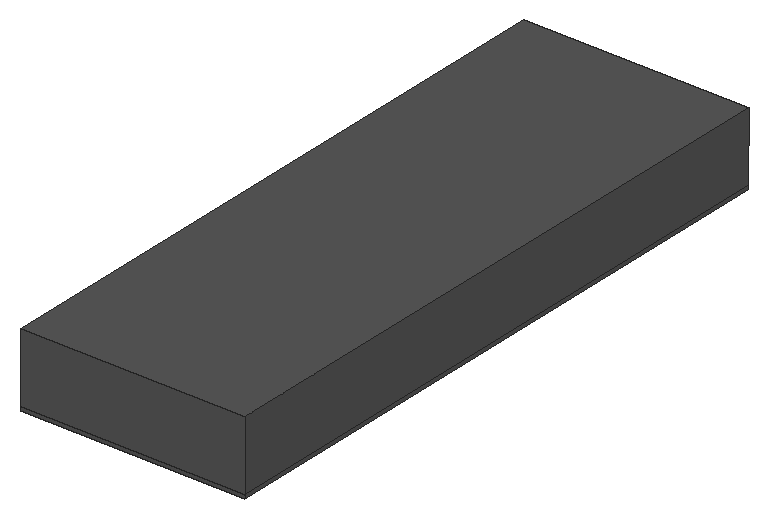
Revit family "ERA_LF_PR_SPP-502", category Осветительные приборы, Revit 2019
Family settings
  Размер круглого соединителя = Использовать диаметр
  Тип детали = Нормальный
  Номер OmniClass = 23.80.70.00
  Заголовок OmniClass = Lighting
  На основе рабочей плоскости = Нет
  Всегда вертикально = Да
  При загрузке вырезать с полостями = Нет
  Источник света = Нет
  Общий = Нет
  Точка расчета площади = Да
Parameters (values of type "SPP-502-0-50K-080, LED, IP65, 450х160х50 мм (ДхШхВ), 80 Вт, 5000 К, 8000 лм, класс защиты I, в комплекте (импульсный ac/dc драйвер с гальванической развязкой)")
  _Корпус_Центр = if(ADSK_Размер_Длина < 1.00 mm, 1.00 mm, ADSK_Размер_Длина / 2)  # 225.00 mm
  ИС = LF_ИС_Пр_SPP-502 : SPP-502-0-50K-080
  _Корпус_Угол [instance] = if(Угол > 90.00°, 0.00°, Угол)  # 0.00°
  Угол [instance] = 0.00°
  _Корпус_Поворот [instance] = 0.00°  # constant formula
  Вспомогательные элементы = 1 = 0  # no
  _УГО_Ширина = if(_Корпус_Ширина / УГО_Масштаб < 1.00 mm, 1.00 mm, _Корпус_Ширина / УГО_Масштаб)  # 1.60 mm
  УГО_Масштаб = 100
  _УГО_Длина = if(_Корпус_Длина / УГО_Масштаб < 1.00 mm, 1.00 mm, _Корпус_Длина / УГО_Масштаб)  # 4.50 mm
  _УГО_Диаметр = if(_Корпус_Длина / УГО_Масштаб < 1.00 mm, 1.00 mm, _Корпус_Длина / УГО_Масштаб)  # 4.50 mm
  УГО_Видимость [instance] = not(УГО_Реальный размер)  # yes
  Тип установки = "Уличный"
  Степень защиты IP = "IP65"
  Разработчик модели = "https://www.teslabim.ru"
  _Корпус_Ширина = if(ADSK_Размер_Ширина < 1.00 mm, 1.00 mm, ADSK_Размер_Ширина)  # 160.00 mm
  _Корпус_Длина = if(ADSK_Размер_Длина < 1.00 mm, 1.00 mm, ADSK_Размер_Длина)  # 450.00 mm
  built-in parameter 1114216 [instance] = 1 (stored number, unit not read)
  Цвет = Чёрный
  УГО_Реальный размер [instance] = no
  Description = ""
  Lamp = ""
  Комплект = "Импульсный AC/DC драйвер с гальванической развязкой"
  Класс пожароопасности = "Нет"
  Класс защиты = "I"
  Источник света = "LED"
  Manufacturer = ""
  Геометрия изделия = "Прямоугольный"
  _Корпус_Диаметр = if(ADSK_Размер_Диаметр < 1.00 mm, 1.00 mm, ADSK_Размер_Диаметр)  # 1.00 mm
  _Корпус_Высота = if(ADSK_Размер_Высота < 1.00 mm, 1.00 mm, ADSK_Размер_Высота)  # 50.00 mm
  URL = "https://www.eraworld.ru/catalog/2649065"
  ADSK_Размер_Ширина = 160.00 mm
  ADSK_Размер_Длина = 450.00 mm
  ADSK_Размер_Диаметр = 0.00 mm
  ADSK_Примечание = "Импульсный AC/DC драйвер с гальванической развязкой, рассиватель поликарбонат"
  ADSK_Полная мощность = ADSK_Номинальная мощность / ADSK_Коэффициент мощности  # 88.8889 VA
  ADSK_Позиция = ""
  ADSK_Номинальная мощность = 80 W
  ADSK_Напряжение = 230 V
  ADSK_Наименование краткое = "Светильник"
  ADSK_Масса = 1.42
  ADSK_Марка = "SPP-502-0-50K-080"
  ADSK_Коэффициент мощности = 0.9
  ADSK_Количество фаз = 1
  ADSK_Код изделия = ""
  ADSK_Классификация нагрузок = Освещение
  ADSK_Размер_Высота = 50.00 mm
  ADSK_Обозначение = ADSK_Марка  # "SPP-502-0-50K-080"
  ADSK_Наименование = "Светильник, LED, прямоугольный, уличный, IP65, 450х160х50 мм (ДхШхВ), 80 Вт, 5000 К, 8000 лм, класс защиты I, в комплекте (импульсный ac/dc драйвер с гальванической развязкой)"
  ADSK_Завод-изготовитель = "ЭРА"
  ADSK_Единица измерения = "шт."
Reference planes
  plane 1 "По центру (Вперед/Назад)": y = 0
  plane 2: z = 0
  plane 3 "По центру (Влево/Вправо)": x = 0
  plane 4 "H": z = 0
Dimensions and locks
  aligned and locked: level to plane 2
  aligned and locked: plane 2 to plane 4 "H"
  aligned and locked: plane 3 "По центру (Влево/Вправо)" to nested 1
  aligned and locked: plane 1 "По центру (Вперед/Назад)" to nested 1
  aligned and locked: nested 5 to plane 3 "По центру (Влево/Вправо)"
Nested families
  nested 1: "GA_УГО" at (0, 0, 0), visible <- "УГО_Видимость", type "Прямоугольник", detail levels coarse+medium
    with Аварийный no, Ширина 1.60 mm, Длина 4.50 mm
  nested 2: "GM_ОП_Пр_Корпус" at (0.001, 0, 0) x (1, 0, 0) z (0, 1, 0), type "GM_ОП_Пр_Корпус"
    with Рассеиватель_Высота 2.50 mm, Корпус_Ширина 160.00 mm, Корпус_Длина 450.00 mm, Корпус_Высота 50.00 mm, Кант_Ширина 8.00 mm
  nested 3: "Поворот" at (0, 0, 0) x (0, 1, 0) z (0, 0, -1), Поворот <- "_Корпус_Поворот", visible <- "Вспомогательные элементы", type "Поворот"
    with Поворот 0.00°, Низ 0.00 mm, Верх 2.00 mm
  nested 4: "Угол" at (0, 0, 0) x (0, 0, 1) z (1, 0, 0), Угол <- "_Корпус_Угол", visible <- "Вспомогательные элементы", type "Угол"
    with Угол 0.00°
  nested 5: "LF_ИС_Пр_SPP-502" at (0, 0, -52.5) x (-1, 0, 0) z (0, 0, -1), type <- "ИС", type "SPP-502-0-50K-080"
Connectors
  electrical at (0, 0, 0), driven by "ADSK_Коэффициент мощности", driven by "ADSK_Количество фаз", driven by "ADSK_Классификация нагрузок", driven by "ADSK_Напряжение", driven by "ADSK_Полная мощность"
    settings: index 1, voltage 230 V, apparent load 88.8889 VA, apparent load phase1 0 VA, apparent load phase2 0 VA, apparent load phase3 0 VA, power factor 0.9, load classification "Освещение", number of poles 1, system type 30, power factor state 1, is connector primary yes, connector utility no, sub classification motor no, connector description ""
Definition of nested family "GM_ОП_Пр_Корпус"
  Parameters (values of type "GM_ОП_Пр_Корпус")
    Рассеиватель_Высота = Корпус_Высота * 0.05  # 2.25 mm
    Корпус_Ширина = 155.00 mm
    Цвет = none
    Реальный размер = no
    Default Elevation = 1000.00 mm
    Корпус_Длина = 390.00 mm
    Корпус_Высота = 45.00 mm
    Кант_Ширина = Корпус_Ширина * 0.05  # 7.75 mm
  Reference planes
    plane 1 "По центру (Вперед/Назад)": y = 0
    plane 2: z = 0
    plane 3 "По центру (Влево/Вправо)": x = 0
    plane 4 "Ш1": x = 77.5
    plane 5 "Ш2": x = -77.5
    plane 6 "Р": y = 45
    plane 7 "В": y = 47.25
    plane 8 "Д": z = 390
  Forms (mm)
    Extrusion 1, solid, material <- "Цвет", detail levels fine
      sketch origin (0, 211.198, -8.025) x (1, 0, 0) y (0, 0, -1)
        loop
          line (77.5, -398.025) -> (77.5, -8.025) -> (-77.5, -8.025) -> (-77.5, -398.025) -> (77.5, -398.025)
      from -211.198 to -166.198
    Extrusion 2, solid, visible <- "Реальный размер"
      sketch origin (0, 0, 0) x (1, 0, 0) y (0, 0, 1)
        loop
          line (77.5, 390) -> (-77.5, 390) -> (-77.5, 0) -> (77.5, 0) -> (77.5, 390)
      from 0 to -47.25
  Dimensions and locks
    equal spacing: plane 5 "Ш2", plane 3 "По центру (Влево/Вправо)", plane 4 "Ш1"
    "Корпус_Ширина": plane 5 "Ш2" to plane 4 "Ш1"
    "Корпус_Высота": plane 6 "Р" to plane 1 "По центру (Вперед/Назад)"
    "Рассеиватель_Высота": plane 7 "В" to plane 6 "Р"
    "Корпус_Длина": plane 8 "Д" to plane 2
    aligned and locked: level to plane 2
    aligned and locked: plane 5 "Ш2" to Extrusion 1
    aligned and locked: Extrusion 1 to plane 4 "Ш1"
    aligned and locked: plane 1 "По центру (Вперед/Назад)" to Extrusion 1
    aligned and locked: Extrusion 1 to plane 6 "Р"
    aligned and locked: Extrusion 2 to plane 7 "В"
    aligned and locked: Extrusion 2 to plane 2
    aligned and locked: Extrusion 1 to plane 2
    aligned and locked: plane 8 "Д" to Extrusion 2
    aligned and locked: plane 8 "Д" to Extrusion 1
    aligned and locked: Extrusion 2 to plane 5 "Ш2"
    aligned and locked: Extrusion 2 to plane 4 "Ш1"
    aligned and locked: nested 1 to plane 3 "По центру (Влево/Вправо)"
    aligned and locked: nested 1 to plane 2
  Automatic sketch dimensions
    Extrusion 1 sketch curve to plane 5 "Ш2" = 0.00 mm
    Extrusion 1 sketch curve to plane 4 "Ш1" = 0.00 mm
    Extrusion 1 sketch curve to level = 0.00 mm
    level to Extrusion 1 sketch curve = 390.00 mm
    plane 4 "Ш1" to Extrusion 2 sketch curve = 155.00 mm
    Extrusion 2 sketch curve to Extrusion 2 sketch curve = 155.00 mm
    Extrusion 2 sketch curve to level = 0.00 mm
    level to Extrusion 2 sketch curve = 390.00 mm
  Nested families
    nested 1: "GM_ОП_Пр_Рассеиватель" at (0, 45, 195) x (-1, 0, 0) z (0, 1, 0), type "GM_ОП_Пр_Рассеиватель"
      with Корпус_Ширина 155.00 mm, Корпус_Длина 390.00 mm, Корпус_Высота 2.25 mm
  Definition of nested family "GM_ОП_Пр_Рассеиватель"
    Parameters (values of type "GM_ОП_Пр_Рассеиватель")
      Корпус_Ширина = 80.00 mm
      Цвет = none
      Default Elevation = 1000.00 mm
      Корпус_Длина = 100.00 mm
      Корпус_Высота = 1.30 mm
      Кант_Ширина = 5.00 mm
    Reference planes
      plane 1 "По центру (Вперед/Назад)": y = 0
      plane 2: z = 0
      plane 3 "По центру (Влево/Вправо)": x = 0
      plane 4 "Ш1": x = 40
      plane 5 "Ш2": x = -40
      plane 6 "Д1": y = 50
      plane 7 "Д2": y = -50
    Forms (mm)
      Extrusion 1, solid, material <- "Цвет", detail levels fine
        sketch origin (0, 0, 0) x (1, 0, 0) y (0, 1, 0)
          loop
            line (40, -50) -> (40, 50) -> (-40, 50) -> (-40, -50) -> (40, -50)
          loop
            line (-35, 45) -> (-35, -45) -> (35, -45) -> (35, 45) -> (-35, 45)
        from 0 to 1.3 <- "Корпус_Высота"
      Extrusion 2, solid, detail levels fine
        sketch origin (20, -32.684, 0) x (1, 0, 0) y (0, 1, 0)
          loop
            line (-55, 77.684) -> (-55, -12.316) -> (15, -12.316) -> (15, 77.684) -> (-55, 77.684)
        from 0 to 1.3 <- "Корпус_Высота"
    Dimensions and locks
      equal spacing: plane 5 "Ш2", plane 3 "По центру (Влево/Вправо)", plane 4 "Ш1"
      "Корпус_Ширина": plane 5 "Ш2" to plane 4 "Ш1"
      equal spacing: plane 6 "Д1", plane 1 "По центру (Вперед/Назад)", plane 7 "Д2"
      "Корпус_Длина": plane 6 "Д1" to plane 7 "Д2"
      "Кант_Ширина": plane 5 "Ш2" to Extrusion 2 sketch curve
      "Кант_Ширина": Extrusion 2 sketch curve to plane 4 "Ш1"
      "Кант_Ширина": plane 6 "Д1" to Extrusion 2 sketch curve
      "Кант_Ширина": plane 7 "Д2" to Extrusion 2 sketch curve
      aligned and locked: level to plane 2
      aligned and locked: plane 5 "Ш2" to Extrusion 1
      aligned and locked: Extrusion 1 to plane 4 "Ш1"
      aligned and locked: Extrusion 1 to plane 6 "Д1"
      aligned and locked: plane 7 "Д2" to Extrusion 1
      aligned and locked: Extrusion 1 to plane 2
      aligned and locked: Extrusion 1 sketch curve to Extrusion 2  (x4)
    Automatic sketch dimensions
      Extrusion 1 sketch curve to plane 5 "Ш2" = 0.00 mm
      Extrusion 1 sketch curve to plane 4 "Ш1" = 0.00 mm
      plane 7 "Д2" to Extrusion 1 sketch curve = 0.00 mm
      plane 6 "Д1" to Extrusion 1 sketch curve = 0.00 mm
Definition of nested family "Поворот"
  Parameters (values of type "Поворот")
    Цвет = none
    Поворот [instance] = 90.00°
    Default Elevation = 0.00 mm
    Description = ""
    Низ [instance] = 0.00 mm
    Type Image = (empty or 0)
    Верх [instance] = 5.00 mm
  Reference planes
    plane 1 "По центру (Вперед/Назад)": y = 0
    plane 2: z = 0
    plane 3 "По центру (Влево/Вправо)": x = 0
  Forms (mm)
    Extrusion 1, solid, material <- "Цвет"
      sketch origin (0, 150, 0) x (0, -1, 0) y (1, 0, 0)
        loop
          line (50, 0) -> (150, 0) -> (150, 100)
          arc (150, 100) -> (79.289, 70.711) -> (50, 0) r 100
      from 0 <- "Низ" to 5 <- "Верх"
  Lines and regions (mm)
    reference lines
      curve 1: line (0, 150, 0) -> (0, 0, 0)
  Dimensions and locks
    "Поворот": angle plane 1 "По центру (Вперед/Назад)" to curve 1
    aligned and locked: level to plane 2
  Automatic sketch dimensions
    plane 1 "По центру (Вперед/Назад)" to curve 1 = 0.00 mm
    curve 1 to plane 3 "По центру (Влево/Вправо)" = 0.00 mm
    Extrusion 1 sketch curve to curve 1 = 0.00 mm
    curve 1 to Extrusion 1 sketch curve = 0.00 mm
    curve 1 to Extrusion 1 sketch curve = 100.00 mm
Definition of nested family "Угол"
  Parameters (values of type "Угол")
    Цвет = none
    Угол [instance] = 90.00°
    Default Elevation = 0.00 mm
    Description = ""
    Type Image = (empty or 0)
    Видимость = yes
  Reference planes
    plane 1 "По центру (Вперед/Назад)": y = 0
    plane 2: z = 0
    plane 3 "По центру (Влево/Вправо)": x = 0
  Forms (mm)
    Revolve 1, solid, material <- "Цвет", visible <- "Видимость"
      sketch origin (0, 150, 0) x (0, -1, 0) y (0, 0, 1)
        loop
          arc (150, 100) -> (79.289, 70.711) -> (50, 0) r 100
          line (50, 0) -> (150, 0) -> (150, 100)
        axis (150, 0) -> (150, 100)
      angle from 90 to 180
  Lines and regions (mm)
    reference lines
      curve 1: line (0, 150, 0) -> (0, 0, 0)
  Dimensions and locks
    "Угол": angle plane 1 "По центру (Вперед/Назад)" to curve 1
    aligned and locked: level to plane 2
  Automatic sketch dimensions
    plane 1 "По центру (Вперед/Назад)" to curve 1 = 0.00 mm
    curve 1 to plane 3 "По центру (Влево/Вправо)" = 0.00 mm
    curve 1 to Revolve 1 sketch curve = 0.00 mm
    Revolve 1 sketch curve to curve 1 = 0.00 mm  (x2)
    Revolve 1 sketch curve to curve 1 = 115.333 mm
    curve 1 to Revolve 1 sketch curve = 100.00 mm
    curve 1 to Revolve 1 sketch curve = 1261.835 mm
Definition of nested family "GA_УГО"
  Parameters (values of type "Прямоугольник")
    Ширина = 1.70 mm
    Прямоугольник = yes
    Круг = no
    Длина = 5.70 mm
    Диаметр = 10.00 mm
    Аварийный [instance] = yes
  Reference planes
    plane 1: y = 0
    plane 2: x = 0
  Lines and regions (mm)
    detail lines, visible <- "Прямоугольник"
      curve 1: line (-0.85, 0, 0) -> (0.85, 0, 0)
      curve 2: line (-0.85, 5.7, 0) -> (-0.85, 0, 0)
      curve 3: line (0.85, 5.7, 0) -> (-0.85, 5.7, 0)
      curve 4: line (0.85, 0, 0) -> (0.85, 5.7, 0)
  Dimensions and locks
    equal spacing: curve 2, plane 2, curve 4
    "Ширина": curve 2 to curve 4
    "Длина": plane 1 to curve 3
    aligned and locked: plane 1 to curve 1
Definition of nested family "LF_ИС_Пр_SPP-502"
  Parameters (values of type "SPP-502-0-50K-080")
    built-in parameter 1150104 = 13.8 (stored number, unit not read)
    Корпус_Центр = 225.00 mm
    built-in parameter 1150134 = 2
    Photometric Web File = "SPP-502-0-50K-080.ies"
    Tilt Angle = -90.00°
    built-in parameter 1150137 = (empty or 0)
    built-in parameter 1150132 = 2
    built-in parameter 1150114 = 1 (stored number, unit not read)
    Dimming Lamp Color Temperature Shift = (empty or 0)
    built-in parameter 1150105 = 1450.3 (stored number, unit not read)
    Color Filter = 16777215
    Lumens = 8000 lm
    built-in parameter 1150109 = 1 (stored number, unit not read)
    built-in parameter 1150112 = 1 (stored number, unit not read)
    built-in parameter 1150110 = 1 (stored number, unit not read)
    built-in parameter 1150113 = 1 (stored number, unit not read)
    built-in parameter 1150115 = 1 (stored number, unit not read)
    built-in parameter 1114218 = 1 (stored number, unit not read)
    built-in parameter 1114217 = 1 (stored number, unit not read)
    built-in parameter 1150106 = 14.503 (stored number, unit not read)
    built-in parameter 1150142 = "IESNA:LM-63-1995\r\n[DATA] 16.01.2020\r\n[MANUFAC]??РА\r\n[LUMCAT] \r\n[LUMINAIRE] SPP-502-0-50K-080\r\n[LAMP] Светодиодный модуль\r\nTILT=NONE\r\n1 8629 8.627 91 37 1 2 0.45 0.16 0.065\r\n1 1 81.62\r\n0 1 2 3 4 5 6 7 8 9 10 11 12 13 14 15 16 17 18 19 20 21 22 23 24 25 26 27 28 29 30 31 32 33 34 35 36 37 38 39 40 41 42 43 44 45 46 47 48 49 50 51 52 53 54 55 56 57 58 59 60 61 62 63 64 65 66 67 68 69 70 71 72 73 74 75 76 77 78 79 80 81 82 83 84 85 86 87 88 89 90 \r\n0 10 20 30 40 50 60 70 80 90 100 110 120 130 140 150 160 170 180 190 200 210 220 230 240 250 260 270 280 290 300 310 320 330 340 350 360 \r\n299.5 299.1 299.6 301.1 303.2 305.4 307.3 309.1 311.2 313.8 316.7 319.9 323.4 327.2 331.2 335.7 340.6 346.1 351.9 358.1 364.8 371.8 379 386.1 393 399.8 406.7 413.6 420.6 427.6 434.7 442.1 449.8 457.9 466.3 475.2 484.6 494.4 504.5 514.9 525.4 536 546.4 556.7 566.5 575.8 584.2 591.9 598.7 604.5 608.9 611.7 612.5 611.1 606.9 599.3 587.8 571.7 550.6 524.4 493 456.7 416.5 373.4 328.7 283.6 239.3 196.6 156.6 120.3 88.9 63.5 44.2 31.1 23.3 18.8 15.7 13.4 11.6 9.8 8.1 6.5 5.1 3.8 2.8 2 1.4 0.9 0.6 0.4 0.3\r\n299.5 300.8 302.5 304.4 306.7 309.3 312.1 315.2 318.3 321.6 325.2 329.5 334.2 339.3 344.7 350.4 356.4 363 370.1 377.6 385.4 393.3 401.3 409.3 417.3 425.2 433 440.7 448.6 457 465.7 474.7 484 493.6 503.3 513.2 523.3 533.4 543.5 553.4 563 572.2 580.8 588.7 595.8 601.6 605.9 608.5 609.2 607.7 603.9 597.5 588.4 576.2 560.7 542 520 494.6 465.7 433.5 398.3 360.5 320.9 280.5 240.4 202.3 167.6 137.1 111.4 90.2 72.4 57 44.2 34.4 27.2 21.9 17.8 14.6 11.9 9.8 8 6.4 5.2 4.1 3.2 2.5 1.8 1.2 0.8 0.6 0.7\r\n299.5 301 302.8 304.8 307.1 309.8 312.9 316.3 319.9 323.6 327.7 332.4 337.5 343 348.9 355.3 362.2 369.4 376.8 384.1 391.6 399.1 406.6 413.8 420.9 427.9 435.1 442.4 449.9 457.5 465.4 473.3 481.2 488.7 495.6 501.9 507.6 512.8 517.8 522.4 525.7 527.3 526.9 524.6 520.4 514.9 508.3 499.6 487.6 472.5 455.5 437.5 417.9 395.5 370.6 344.2 317.5 290.1 261.8 232.6 203 173.8 146.2 121.4 100.2 83 69.6 59.4 51.2 44.5 38.7 33.6 29.1 25.1 21.7 18.6 15.9 13.4 11.2 9.1 7.1 5.3 3.9 2.8 2.1 1.6 1.1 0.7 0.4 0.3 0.3\r\n299.5 301.3 303.1 304.8 306.7 309 312.1 315.6 319 322.4 326.5 331.5 337 342.6 348.1 353.9 360.2 366.9 373.6 380.1 386.4 392.5 398.5 404.3 409.8 414.9 419.4 423.4 427.1 430.3 433.1 435.5 437.4 438.6 439 438.6 437.2 434.6 430.8 425.7 419.3 411.5 402.4 391.9 379.9 366.5 351.6 335.3 317.9 299.5 280.2 260.5 240.4 220.4 200.7 181.6 163.2 145.7 129.3 114.2 100.1 87.1 75.3 64.9 56 48.6 42.5 37.6 33.7 30.3 27.4 24.5 21.9 19.6 17.5 15.5 13.7 11.8 10 8.4 7 6 5.2 4.3 3.2 2.2 1.3 0.6 0.2 0 0.3\r\n299.5 300 300.6 301.1 301.9 303.3 305.5 308.3 311.4 314.7 318.4 322.7 327.3 331.9 336.4 341.3 346.8 352.5 357.8 362.6 367.4 372.2 376.7 380.3 382.9 384.8 386.4 387.4 387.6 387 385.6 383.4 380.3 376.4 371.6 365.9 359.2 351.8 343.4 334.1 324 312.9 300.9 288 274.4 260 245.2 229.9 214.5 199 183.6 168.5 153.8 139.8 126.6 114.5 103.7 94 85.5 78 71.4 65.5 60.2 55.3 50.8 46.3 41.8 37.4 33.4 29.9 27.1 24.9 23.1 21.3 19.2 16.9 14.5 12.2 10.4 9.1 8 7.1 6 4.8 3.4 2.2 1.2 0.6 0.3 0.2 0.3\r\n299.5 297.9 297.3 297.8 299.2 301 302.9 305.1 307.7 311 314.7 318.8 323 327.2 331.4 335.7 340.4 344.9 349 352.4 355.3 357.6 359.4 360.4 360.7 360.2 359 357 354 349.9 345 339.5 333.2 326.1 318.1 309.5 300.2 290.2 279.8 268.8 257.4 245.6 233.6 221.3 208.8 196.3 183.9 171.6 159.4 147.4 135.7 124.7 114.5 105.3 96.9 89.4 82.7 76.5 70.9 65.8 61 56.6 52.2 48 44 40.4 37.3 34.7 32.2 29.9 27.8 25.8 24 22.4 21 19.6 18 16.4 14.7 13 11.1 9 6.9 4.9 3.3 2.1 1.3 0.8 0.5 0.3 0.3\r\n299.5 297.9 297.3 297.4 298.4 300 302.1 304.6 307.6 311 314.7 318.6 322.5 326.2 329.5 332.8 336 339 341.2 342.5 343.2 343.3 342.8 341.5 339.3 336.3 332.5 327.8 322.4 316.3 309.5 302.2 294.3 285.8 276.8 267.4 257.7 247.7 237.5 227.1 216.4 205.4 194.3 183.2 172.2 161.3 150.6 140.1 130.2 120.7 111.9 103.8 96.3 89.5 83.1 77.2 71.7 66.4 61.4 56.6 51.9 47.4 43.1 39.5 36.5 33.9 31.5 29.2 27.2 25.3 23.7 22.3 21.1 19.9 18.7 17.5 16.5 15.5 14.4 13.2 11.7 10 8.1 6.2 4.3 2.6 1.5 0.7 0.2 0.1 0.3\r\n299.5 298.1 297.3 297.2 297.7 298.7 300.3 302.3 304.6 307.2 310.2 313.7 317.2 320.6 323.7 326.5 328.9 330.8 332 332.6 332.7 332.4 331.3 329.2 325.9 321.8 317.2 312 306.3 300 293.1 285.7 277.7 269.4 260.7 251.6 242.1 232.2 222.1 211.7 201.1 190.3 179.5 168.9 158.4 148.2 138.3 128.8 120 111.8 104.3 97.2 90.6 84.4 78.5 73 67.9 63 57.9 52.8 48 43.7 40.1 36.8 33.9 31.2 28.7 26.3 24.2 22.2 20.5 18.9 17.4 16 14.8 13.6 12.4 11.2 10.1 9 8.1 7.3 6.4 5.4 4.3 3.1 2.1 1.2 0.7 0.4 0.3\r\n299.5 294.5 291.3 289.8 289.8 290.7 291.9 293.6 295.6 298.1 300.9 303.7 306.6 309.3 311.8 314.1 316.1 317.8 318.9 319.2 318.7 317.3 315 312 308.5 304.3 299.5 294.1 288 281.4 274.3 266.9 259.1 250.8 242 232.8 223.4 213.7 203.7 193.5 183.2 172.9 162.8 152.8 143.1 133.7 124.8 116.4 108.6 101.3 94.5 88.3 82.4 77 71.7 66.7 61.6 56.6 51.8 47.1 42.9 39.2 36.1 33.1 30.3 27.6 25 22.4 19.8 17.3 15.1 13.5 12.4 11.5 10.7 10.1 9.7 9.5 9.3 9.2 8.9 8.5 7.9 6.9 5.6 4.3 3.1 2 1.2 0.7 0.4\r\n299.5 297.8 296.7 296.1 296.1 296.7 298.1 300 302 304.1 306.4 308.9 311.5 313.9 316.1 318 319.5 320.5 320.9 320.5 319.3 317.4 314.7 311.4 307.4 302.7 297.6 291.9 285.4 278.4 270.9 263.1 255 246.3 237 227.2 217.2 207 196.7 186.3 175.9 165.5 155.2 145.3 135.8 126.7 118.3 110.4 103 96.3 89.9 83.9 78.2 72.9 67.7 62.7 57.6 52.6 48 43.8 40 36.7 33.7 30.8 28 24.9 21.5 18.2 15.8 14.3 13.3 12.6 11.9 11.2 10.6 9.9 9.3 8.7 8.1 7.4 6.7 5.8 4.9 4.1 3.2 2.4 1.7 1.1 0.6 0.4 0.3\r\n299.5 294.5 291.3 289.8 289.8 290.7 291.9 293.6 295.6 298.1 300.9 303.7 306.6 309.3 311.8 314.1 316.1 317.8 318.9 319.2 318.7 317.3 315 312 308.5 304.3 299.5 294.1 288 281.4 274.3 266.9 259.1 250.8 242 232.8 223.4 213.7 203.7 193.5 183.2 172.9 162.8 152.8 143.1 133.7 124.8 116.4 108.6 101.3 94.5 88.3 82.4 77 71.7 66.7 61.6 56.6 51.8 47.1 42.9 39.2 36.1 33.1 30.3 27.6 25 22.4 19.8 17.3 15.1 13.5 12.4 11.5 10.7 10.1 9.7 9.5 9.3 9.2 8.9 8.5 7.9 6.9 5.6 4.3 3.1 2 1.2 0.7 0.4\r\n299.5 298.1 297.3 297.2 297.7 298.7 300.3 302.3 304.6 307.2 310.2 313.7 317.2 320.6 323.7 326.5 328.9 330.8 332 332.6 332.7 332.4 331.3 329.2 325.9 321.8 317.2 312 306.3 300 293.1 285.7 277.7 269.4 260.7 251.6 242.1 232.2 222.1 211.7 201.1 190.3 179.5 168.9 158.4 148.2 138.3 128.8 120 111.8 104.3 97.2 90.6 84.4 78.5 73 67.9 63 57.9 52.8 48 43.7 40.1 36.8 33.9 31.2 28.7 26.3 24.2 22.2 20.5 18.9 17.4 16 14.8 13.6 12.4 11.2 10.1 9 8.1 7.3 6.4 5.4 4.3 3.1 2.1 1.2 0.7 0.4 0.3\r\n299.5 297.9 297.3 297.4 298.4 300 302.1 304.6 307.6 311 314.7 318.6 322.5 326.2 329.5 332.8 336 339 341.2 342.5 343.2 343.3 342.8 341.5 339.3 336.3 332.5 327.8 322.4 316.3 309.5 302.2 294.3 285.8 276.8 267.4 257.7 247.7 237.5 227.1 216.4 205.4 194.3 183.2 172.2 161.3 150.6 140.1 130.2 120.7 111.9 103.8 96.3 89.5 83.1 77.2 71.7 66.4 61.4 56.6 51.9 47.4 43.1 39.5 36.5 33.9 31.5 29.2 27.2 25.3 23.7 22.3 21.1 19.9 18.7 17.5 16.5 15.5 14.4 13.2 11.7 10 8.1 6.2 4.3 2.6 1.5 0.7 0.2 0.1 0.3\r\n299.5 297.9 297.3 297.8 299.2 301 302.9 305.1 307.7 311 314.7 318.8 323 327.2 331.4 335.7 340.4 344.9 349 352.4 355.3 357.6 359.4 360.4 360.7 360.2 359 357 354 349.9 345 339.5 333.2 326.1 318.1 309.5 300.2 290.2 279.8 268.8 257.4 245.6 233.6 221.3 208.8 196.3 183.9 171.6 159.4 147.4 135.7 124.7 114.5 105.3 96.9 89.4 82.7 76.5 70.9 65.8 61 56.6 52.2 48 44 40.4 37.3 34.7 32.2 29.9 27.8 25.8 24 22.4 21 19.6 18 16.4 14.7 13 11.1 9 6.9 4.9 3.3 2.1 1.3 0.8 0.5 0.3 0.3\r\n299.5 300 300.6 301.1 301.9 303.3 305.5 308.3 311.4 314.7 318.4 322.7 327.3 331.9 336.4 341.3 346.8 352.5 357.8 362.6 367.4 372.2 376.7 380.3 382.9 384.8 386.4 387.4 387.6 387 385.6 383.4 380.3 376.4 371.6 365.9 359.2 351.8 343.4 334.1 324 312.9 300.9 288 274.4 260 245.2 229.9 214.5 199 183.6 168.5 153.8 139.8 126.6 114.5 103.7 94 85.5 78 71.4 65.5 60.2 55.3 50.8 46.3 41.8 37.4 33.4 29.9 27.1 24.9 23.1 21.3 19.2 16.9 14.5 12.2 10.4 9.1 8 7.1 6 4.8 3.4 2.2 1.2 0.6 0.3 0.2 0.3\r\n299.5 301.3 303.1 304.8 306.7 309 312.1 315.6 319 322.4 326.5 331.5 337 342.6 348.1 353.9 360.2 366.9 373.6 380.1 386.4 392.5 398.5 404.3 409.8 414.9 419.4 423.4 427.1 430.3 433.1 435.5 437.4 438.6 439 438.6 437.2 434.6 430.8 425.7 419.3 411.5 402.4 391.9 379.9 366.5 351.6 335.3 317.9 299.5 280.2 260.5 240.4 220.4 200.7 181.6 163.2 145.7 129.3 114.2 100.1 87.1 75.3 64.9 56 48.6 42.5 37.6 33.7 30.3 27.4 24.5 21.9 19.6 17.5 15.5 13.7 11.8 10 8.4 7 6 5.2 4.3 3.2 2.2 1.3 0.6 0.2 0 0.3\r\n299.5 301 302.8 304.8 307.1 309.8 312.9 316.3 319.9 323.6 327.7 332.4 337.5 343 348.9 355.3 362.2 369.4 376.8 384.1 391.6 399.1 406.6 413.8 420.9 427.9 435.1 442.4 449.9 457.5 465.4 473.3 481.2 488.7 495.6 501.9 507.6 512.8 517.8 522.4 525.7 527.3 526.9 524.6 520.4 514.9 508.3 499.6 487.6 472.5 455.5 437.5 417.9 395.5 370.6 344.2 317.5 290.1 261.8 232.6 203 173.8 146.2 121.4 100.2 83 69.6 59.4 51.2 44.5 38.7 33.6 29.1 25.1 21.7 18.6 15.9 13.4 11.2 9.1 7.1 5.3 3.9 2.8 2.1 1.6 1.1 0.7 0.4 0.3 0.3\r\n299.5 300.8 302.5 304.4 306.7 309.3 312.1 315.2 318.3 321.6 325.2 329.5 334.2 339.3 344.7 350.4 356.4 363 370.1 377.6 385.4 393.3 401.3 409.3 417.3 425.2 433 440.7 448.6 457 465.7 474.7 484 493.6 503.3 513.2 523.3 533.4 543.5 553.4 563 572.2 580.8 588.7 595.8 601.6 605.9 608.5 609.2 607.7 603.9 597.5 588.4 576.2 560.7 542 520 494.6 465.7 433.5 398.3 360.5 320.9 280.5 240.4 202.3 167.6 137.1 111.4 90.2 72.4 57 44.2 34.4 27.2 21.9 17.8 14.6 11.9 9.8 8 6.4 5.2 4.1 3.2 2.5 1.8 1.2 0.8 0.6 0.7\r\n299.5 299.1 299.6 301.1 303.2 305.4 307.3 309.1 311.2 313.8 316.7 319.9 323.4 327.2 331.2 335.7 340.6 346.1 351.9 358.1 364.8 371.8 379 386.1 393 399.8 406.7 413.6 420.6 427.6 434.7 442.1 449.8 457.9 466.3 475.2 484.6 494.4 504.5 514.9 525.4 536 546.4 556.7 566.5 575.8 584.2 591.9 598.7 604.5 608.9 611.7 612.5 611.1 606.9 599.3 587.8 571.7 550.6 524.4 493 456.7 416.5 373.4 328.7 283.6 239.3 196.6 156.6 120.3 88.9 63.5 44.2 31.1 23.3 18.8 15.7 13.4 11.6 9.8 8.1 6.5 5.1 3.8 2.8 2 1.4 0.9 0.6 0.4 0.3\r\n299.5 298.2 297.3 297 297.1 297.5 298.1 299 300.2 301.7 303.5 305.6 308.1 310.7 313.7 317 320.9 325.3 329.9 334.9 340.2 345.9 351.9 358.1 364.5 370.7 376.7 382.5 388.2 393.8 399.2 404.6 410 415.7 421.7 428.1 434.7 441.6 448.3 455 461.6 468.2 474.8 481.3 487.7 493.7 499.2 503.8 507.3 509.5 510 508.6 504.9 498.7 489.8 478.5 464.6 448 428.1 404.8 378 347.5 313.9 277.7 240.1 203 168.2 136.9 110.1 88.1 70.3 56.1 44.9 36.1 29.3 24 19.7 16.2 13.2 10.5 8.3 6.5 5 3.7 2.6 1.7 1 0.5 0.2 0 0\r\n299.5 298.5 298.1 298.3 298.9 299.7 300.7 301.9 303.3 305.1 307.1 309.3 311.7 314.5 317.7 321.1 324.4 328.1 332.5 337.6 342.8 347.8 352.7 357.9 363.3 368.8 374.2 379.5 384.6 389.5 394.3 399.2 403.8 407.9 411.4 414.7 417.8 420.8 423.3 425 425.9 425.8 424.7 422.7 419.7 415.6 410.3 403.5 395.2 385.1 373.4 360.2 345.3 328.6 310.1 290.3 269.4 247.8 226.1 204.5 183.3 162.7 142.7 123.5 105.1 88.1 73.1 60.5 50.9 43.8 38.5 33.9 29.9 26.3 23.1 20.1 17.4 14.9 12.7 10.9 9.2 7.6 6.1 4.7 3.6 2.7 2 1.4 1 0.6 0.2\r\n299.5 299.6 300.1 301.1 302.3 303.6 305 306.5 308.6 311.3 314.2 317.2 320.2 323.3 326.7 330.4 334.4 338.7 343.4 348.4 353.4 358.4 363.2 367.7 372 376.2 380.5 384.5 387.9 390.5 392.3 393.4 393.8 393.7 393 391.6 389.4 386.4 382.6 378 372.5 366.3 358.9 350.3 340.3 329.1 317 304 290 275.1 259.3 242.6 225.4 208.3 191.4 174.7 158.3 142.4 127.5 113.7 101.3 90.3 80.7 72.3 64.8 58.1 51.9 46 40.5 35.3 30.9 27.3 24.4 21.8 19.4 17.3 15.5 13.8 12.2 10.4 8.8 7.4 6.2 5.3 4.6 4 3.2 2.4 1.6 0.9 0.2\r\n299.5 300.7 302.1 303.9 305.9 308.3 311 313.9 317 320.2 323.7 327.3 331.1 335 338.9 342.8 346.6 350.3 354 357.7 361 363.8 366.2 368.2 369.8 370.8 371 370.6 369.4 367.6 365 361.6 357.4 352.3 346.4 339.9 332.8 325 316.5 307.2 297.3 287.1 276.6 265.5 254.1 242.8 231.8 220.4 207.6 193.5 178.9 164.8 151.2 138.3 126 114.5 103.8 94.2 85.6 78.1 71.4 65.4 59.9 54.5 49.4 44.7 40.6 37 33.5 30.1 27 24.2 21.9 20 18.4 16.7 14.9 12.8 10.8 8.9 7.4 6.3 5.4 4.7 3.9 3 2 1.1 0.5 0 0\r\n299.5 301.3 303.5 305.9 308.7 311.8 315 318.5 321.9 325.4 328.9 332.5 336 339.4 342.5 345.5 348.4 350.9 353 354.6 355.8 356.4 356.4 355.8 354.3 352.2 349.5 346.3 342.7 338.7 333.9 328.1 321.6 314.8 307.7 300.5 293 284.6 274.5 263 250.9 239 227.3 215.3 203 190.7 178.5 166.7 155.2 144.1 133.4 123.3 113.7 104.9 96.9 89.5 82.7 76.4 70.3 64.4 58.9 53.7 48.8 44.5 40.5 36.9 33.5 30.4 27.7 25.4 23.3 21.5 19.8 18.3 16.9 15.6 14.5 13.4 12.4 11.3 10.3 9.2 8 6.5 4.8 3.2 2 1.1 0.4 0 0\r\n299.5 301.2 303.2 305.5 308.2 311.1 314.4 318 322 326.1 330.3 334.3 338.1 341.7 345 348 350.5 352.6 354.1 354.8 354.7 353.8 352.1 349.9 347.1 343.5 338.8 333.1 326.6 319.6 312 303.9 295.3 286.2 276.6 266.5 256.1 245.4 234.6 223.6 212.7 201.7 190.7 179.6 168.6 157.8 147.4 137.4 128.1 119.3 111.1 103.5 96.3 89.5 83.1 77 71.1 65.5 60.2 55.1 50.3 45.8 41.6 37.8 34.4 31.4 28.6 26.2 24.1 22.3 20.6 19.1 17.7 16.5 15.3 14.2 13.2 12.2 11.1 10 8.9 7.8 6.8 5.7 4.6 3.5 2.4 1.4 0.7 0.2 0\r\n299.5 302.1 304.9 308 311.6 316.5 323 329.9 335.6 339.6 343 346.3 349.4 351.9 353.8 355 355.7 355.7 354.9 353.3 351 347.9 344.1 339.5 334.2 328.2 321.5 314.3 306.5 298.4 289.9 281.4 272.6 263.5 254 244.3 234.4 224.3 214.2 204.1 193.9 183.7 173.5 163.6 153.9 144.7 135.8 127.4 119.6 112.1 104.9 97.8 90.7 83.7 77.1 70.9 65.2 60.1 55.2 50.6 46.1 41.7 37.6 34 30.9 28.2 25.8 23.7 21.8 19.9 18 16.4 14.8 13.3 12 10.8 9.6 8.6 7.7 6.8 6.1 5.4 4.8 4.1 3.3 2.5 1.6 0.8 0.2 0 0\r\n299.5 303.1 306.9 311.1 315.6 320.2 324.7 329.1 333.4 337.4 340.9 343.8 346.1 348 349.4 350.1 349.9 348.9 347.2 344.8 341.7 337.7 333 327.4 321.1 314.2 306.8 299 291.1 282.9 274.3 265.1 255.5 245.9 236.3 226.6 216.5 206.3 196.1 186.1 176.1 166.2 156.5 147.3 138.5 130.1 122 114.4 107.4 100.9 94.7 88.5 82.4 76.7 71.2 65.8 60.6 55.5 50.7 46.3 42.1 38.1 34.4 31.1 28.2 25.7 23.3 21 18.4 15.8 13.7 12.3 11.4 10.6 9.8 9 8.4 7.9 7.5 7.1 6.7 6.5 6.3 5.9 5.2 4.1 2.6 1.2 0.1 0 0\r\n299.5 302.8 306.4 310.4 315 320.9 328.4 335.9 341.8 345.7 348.9 352.2 355.4 358.1 360 361 361.1 360.3 358.8 356.6 353.2 348.7 343.3 337.2 330.6 323.3 315.3 306.7 297.7 288.5 278.9 268.9 258.5 248 237.3 226.5 215.7 204.9 194.1 183.4 172.9 162.8 153 143.6 134.6 126.1 118.1 110.6 103.4 96.6 89.9 83.3 77.1 71.3 66.2 61.3 56.6 52 47.7 43.5 39.6 35.9 32.6 29.8 27.3 24.8 21.9 19.1 16.5 14.4 12.8 11.8 11.2 10.7 10.3 9.8 9.2 8.6 8.1 7.5 6.9 6.1 5.3 4.4 3.4 2.4 1.4 0.5 0 0 0\r\n299.5 303.1 306.9 311.1 315.6 320.2 324.7 329.1 333.4 337.4 340.9 343.8 346.1 348 349.4 350.1 349.9 348.9 347.2 344.8 341.7 337.7 333 327.4 321.1 314.2 306.8 299 291.1 282.9 274.3 265.1 255.5 245.9 236.3 226.6 216.5 206.3 196.1 186.1 176.1 166.2 156.5 147.3 138.5 130.1 122 114.4 107.4 100.9 94.7 88.5 82.4 76.7 71.2 65.8 60.6 55.5 50.7 46.3 42.1 38.1 34.4 31.1 28.2 25.7 23.3 21 18.4 15.8 13.7 12.3 11.4 10.6 9.8 9 8.4 7.9 7.5 7.1 6.7 6.5 6.3 5.9 5.2 4.1 2.6 1.2 0.1 0 0\r\n299.5 302.1 304.9 308 311.6 316.5 323 329.9 335.6 339.6 343 346.3 349.4 351.9 353.8 355 355.7 355.7 354.9 353.3 351 347.9 344.1 339.5 334.2 328.2 321.5 314.3 306.5 298.4 289.9 281.4 272.6 263.5 254 244.3 234.4 224.3 214.2 204.1 193.9 183.7 173.5 163.6 153.9 144.7 135.8 127.4 119.6 112.1 104.9 97.8 90.7 83.7 77.1 70.9 65.2 60.1 55.2 50.6 46.1 41.7 37.6 34 30.9 28.2 25.8 23.7 21.8 19.9 18 16.4 14.8 13.3 12 10.8 9.6 8.6 7.7 6.8 6.1 5.4 4.8 4.1 3.3 2.5 1.6 0.8 0.2 0 0\r\n299.5 301.2 303.2 305.5 308.2 311.1 314.4 318 322 326.1 330.3 334.3 338.1 341.7 345 348 350.5 352.6 354.1 354.8 354.7 353.8 352.1 349.9 347.1 343.5 338.8 333.1 326.6 319.6 312 303.9 295.3 286.2 276.6 266.5 256.1 245.4 234.6 223.6 212.7 201.7 190.7 179.6 168.6 157.8 147.4 137.4 128.1 119.3 111.1 103.5 96.3 89.5 83.1 77 71.1 65.5 60.2 55.1 50.3 45.8 41.6 37.8 34.4 31.4 28.6 26.2 24.1 22.3 20.6 19.1 17.7 16.5 15.3 14.2 13.2 12.2 11.1 10 8.9 7.8 6.8 5.7 4.6 3.5 2.4 1.4 0.7 0.2 0\r\n299.5 301.3 303.5 305.9 308.7 311.8 315 318.5 321.9 325.4 328.9 332.5 336 339.4 342.5 345.5 348.4 350.9 353 354.6 355.8 356.4 356.4 355.8 354.3 352.2 349.5 346.3 342.7 338.7 333.9 328.1 321.6 314.8 307.7 300.5 293 284.6 274.5 263 250.9 239 227.3 215.3 203 190.7 178.5 166.7 155.2 144.1 133.4 123.3 113.7 104.9 96.9 89.5 82.7 76.4 70.3 64.4 58.9 53.7 48.8 44.5 40.5 36.9 33.
